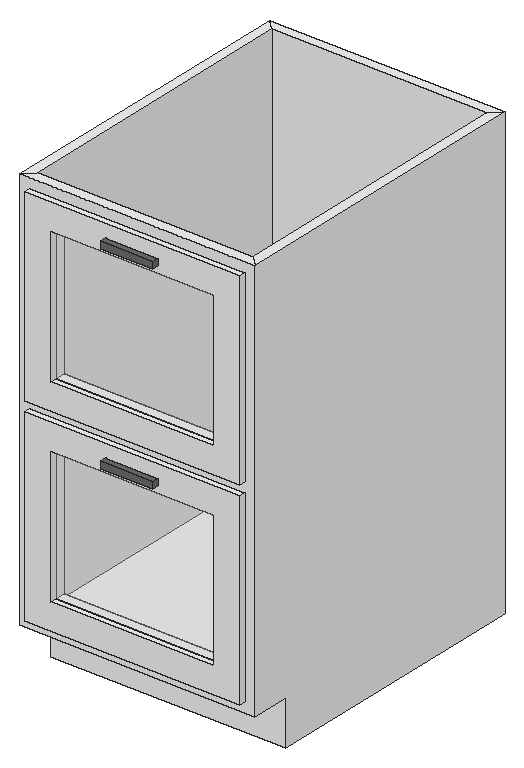
Revit family "43da0d3e5d4c43db8c719826d7a04bcf", category Casework, Revit 2021
Family settings
  OmniClass Number = 23.40.35.17.47.11
  OmniClass Title = Kitchen Casework
  Seek Item ID = Base Cabinet-2 Bin-0000-USA-ENU
  Work Plane-Based = No
  Always vertical = Yes
  Cut with Voids When Loaded = No
  Shared = No
  Room Calculation Point = No
Parameters (values of type "18"")
  Default Elevation = 0' - 0"
  Assembly Code = "C1030410"
  Cabinet Material = none
  Depth = 2' - 0"
  Door/Drawer Material = none
  Handle Material = Cabinets - Handles
  Height = 2' - 10 1/2"
  Panels = none
  Toe Depth = 0' - 3"
  Toe Height = 0' - 3 1/2"
  Width = 1' - 6"
Types (3): name | Width
  (no name) | 1' - 6"
  18" | 1' - 6"
  15" | 1' - 3"
Reference planes (in)
  plane 1 "Back": y = 0
  plane 2: z = 0
  plane 3 "Center": x = 0.7377
  plane 4 "Left": x = -8.2623
  plane 5 "Right": x = 9.7377
  plane 6 "Front": y = -24
  plane 7 "Top": z = 34.5
  plane 8: y = -21
  plane 9: z = 3.5
  plane 10: z = 33.75
  plane 11: z = 4.25
  plane 12: x = -7.5123
  plane 13: x = 8.9877
  plane 14: x = -1.2623
  plane 15: x = 2.7377
  plane 16: z = 32.75
  plane 17: z = 32.25
  plane 18: z = 19
  plane 19: x = 6.9877
  plane 20: x = -5.5123
  plane 21: z = 6.25
  plane 22: z = 16.625
  plane 23: z = 31.75
  plane 24: z = 21.375
  plane 25: z = 19.375
  plane 26: z = 18.625
  plane 27: z = 17.625
  plane 28: z = 17.125
Forms (in)
  Extrusion 1, solid, material <- "Cabinet Material"
    sketch origin (0, 0, 0) x (1, 0, 0) y (0, 1, 0)
      loop
        line (-8.2623, 0) -> (-8.2623, -21) -> (9.7377, -21) -> (9.7377, 0) -> (-8.2623, 0)
    from 0 to 3.5
  Sweep 2, solid, material <- "Cabinet Material"
    path origin (0, 0, 0) x (1, 0, 0) y (0, 1, 0)
      loop
        line (9.7377, 0) -> (-8.2623, 0) -> (-8.2623, -24) -> (9.7377, -24) -> (9.7377, 0)
    profile origin (0, -12, 0) x (1, 0, 0) y (0, 0, 1)
      loop
        line (9.7377, 3.5) -> (9.7377, 34.5) -> (8.9877, 34.5) -> (8.9877, 3.5) -> (9.7377, 3.5)
  Extrusion 3, solid, material <- "Cabinet Material"
    sketch origin (0, 0, 0) x (1, 0, 0) y (0, 1, 0)
      loop
        line (-7.5123, -0.75) -> (-7.5123, -23.25) -> (8.9877, -23.25) -> (8.9877, -0.75) -> (-7.5123, -0.75)
    from 4.25 to 3.5
  Extrusion 4, void
    sketch origin (9.7377, -24, 34.5) x (1, 0, 0) y (0, 0, -1)
      loop
        line (-15.25, 2.75) -> (-2.75, 2.75) -> (-2.75, 13.125) -> (-15.25, 13.125) -> (-15.25, 2.75)
      loop
        line (-15.25, 17.875) -> (-2.75, 17.875) -> (-2.75, 28.25) -> (-15.25, 28.25) -> (-15.25, 17.875)
    from 0 to 0.75
  Extrusion 5, solid, material <- "Panels"
    sketch origin (9.7377, -24, 34.5) x (-1, 0, 0) y (0, 0, -1)
      loop
        line (15.25, 2.75) -> (15.25, 13.125) -> (2.75, 13.125) -> (2.75, 2.75) -> (15.25, 2.75)
      loop
        line (15.25, 17.875) -> (15.25, 28.25) -> (2.75, 28.25) -> (2.75, 17.875) -> (15.25, 17.875)
    from -0.75 to 0
  Extrusion 6, solid, material <- "Door/Drawer Material"
    sketch origin (0, -24, 0) x (1, 0, 0) y (0, 0, 1)
      loop
        line (-7.5123, 33.75) -> (-7.5123, 19.375) -> (8.9877, 19.375) -> (8.9877, 33.75) -> (-7.5123, 33.75)
      loop
        line (-7.5123, 18.625) -> (-7.5123, 4.25) -> (8.9877, 4.25) -> (8.9877, 18.625) -> (-7.5123, 18.625)
      loop
        line (-5.5123, 31.75) -> (-5.5123, 21.375) -> (6.9877, 21.375) -> (6.9877, 31.75) -> (-5.5123, 31.75)
      loop
        line (-5.5123, 16.625) -> (-5.5123, 6.25) -> (6.9877, 6.25) -> (6.9877, 16.625) -> (-5.5123, 16.625)
    from 0 to 0.5
  Extrusion 7, solid, material "Cabinets - Handles" <- "Handle Material"
    sketch origin (0, -24, 0) x (1, 0, 0) y (0, 0, 1)
      loop
        line (-1.2623, 32.75) -> (-1.2623, 32.25) -> (2.7377, 32.25) -> (2.7377, 32.75) -> (-1.2623, 32.75)
      loop
        line (-1.2623, 17.625) -> (-1.2623, 17.125) -> (2.7377, 17.125) -> (2.7377, 17.625) -> (-1.2623, 17.625)
    from 0.5 to 1
Cuts and joins
  Extrusion 4 cuts Extrusion 1
  Extrusion 4 cuts Sweep 2
  joined: Extrusion 1, Sweep 2
  Extrusion 4 cuts Extrusion 3
Lines and regions (in)
  Masking region 1
    outline origin (0, 0, 0) x (1, 0, 0) y (0, 1, 0)
      loop
        line (-8.2623, 0) -> (-8.2623, -24) -> (9.7377, -24) -> (9.7377, 0) -> (-8.2623, 0)
  model lines
    curve 1: line (-7.5123, -24, 33.75) -> (8.9877, -24, 33.75)
    curve 2: line (8.9877, -24, 33.75) -> (8.9877, -24, 19.375)
    curve 3: line (-7.5123, -24, 4.25) -> (-7.5123, -24, 18.625)
    curve 4: line (-1.2623, -24, 32.75) -> (2.7377, -24, 32.75)
    curve 5: line (-1.2623, -24, 32.25) -> (-1.2623, -24, 32.75)
    curve 6: line (2.7377, -24, 32.25) -> (-1.2623, -24, 32.25)
    curve 7: line (2.7377, -24, 32.75) -> (2.7377, -24, 32.25)
    curve 8: line (-7.5123, -24, 19.375) -> (8.9877, -24, 19.375)
    curve 9: line (-7.5123, -24, 18.625) -> (8.9877, -24, 18.625)
    curve 10: line (8.9877, -24, 18.625) -> (8.9877, -24, 4.25)
    curve 11: line (-7.5123, -24, 19.375) -> (-7.5123, -24, 33.75)
    curve 12: line (8.9877, -24, 4.25) -> (-7.5123, -24, 4.25)
    curve 13: line (-1.2623, -24, 17.625) -> (2.7377, -24, 17.625)
    curve 14: line (-1.2623, -24, 17.125) -> (-1.2623, -24, 17.625)
    curve 15: line (2.7377, -24, 17.125) -> (-1.2623, -24, 17.125)
    curve 16: line (2.7377, -24, 17.625) -> (2.7377, -24, 17.125)
Dimensions and locks (in)
  "Depth": plane 6 "Front" to plane 1 "Back"
  "Width": plane 4 "Left" to plane 5 "Right"
  equal spacing: plane 4 "Left", plane 3 "Center", plane 5 "Right"
  "Height": level to plane 7 "Top"
  "Toe Height": plane 2 to plane 9
  "Toe Depth": plane 6 "Front" to plane 8
  locked: plane 4 "Left" to plane 12 at 0.75
  locked: plane 13 to plane 5 "Right" at 0.75
  locked: plane 7 "Top" to plane 10 at 0.75
  locked: plane 11 to plane 9 at 0.75
  equal spacing: plane 10, plane 18, plane 11
  plane 21 to plane 11 = 0' - 2"
  plane 18 to plane 22 = 0' - 2 3/8"
  plane 12 to plane 20 = 0' - 2"
  plane 24 to plane 18 = 0' - 2 3/8"
  plane 10 to plane 23 = 0' - 2"
  plane 25 to plane 18 to plane 26 = 0' - 0 3/8", 0' - 0 3/8"
  plane 10 to plane 16 to plane 17 = 0' - 1", 0' - 0 1/2"
  plane 26 to plane 27 to plane 28 = 0' - 1", 0' - 0 1/2"
  plane 14 to plane 3 "Center" to plane 15 = 0' - 2" locked, 0' - 2" locked
  locked: plane 19 to plane 13 at 2
  aligned and locked: plane 1 "Back" to Extrusion 1 sketch curve
  aligned and locked: Extrusion 1 sketch curve to plane 5 "Right"
  aligned and locked: Extrusion 1 sketch curve to plane 8
  aligned and locked: plane 4 "Left" to Extrusion 1 sketch curve
  aligned and locked: Extrusion 1 to level
  aligned and locked: Sweep 2 sketch curve to plane 6 "Front"
  aligned and locked: plane 1 "Back" to Sweep 2 sketch curve
  aligned and locked: Sweep 2 sketch curve to plane 5 "Right"  (x2)
  aligned and locked: plane 4 "Left" to Sweep 2 sketch curve
  aligned and locked: plane 7 "Top" to Sweep 2 sketch curve
  aligned and locked: Sweep 2 sketch curve to plane 9
  aligned and locked: Sweep 2 to Extrusion 3 sketch curve  (x2)
  aligned and locked: Extrusion 3 sketch curve to Sweep 2  (x2)
  aligned and locked: plane 11 to Extrusion 3
  aligned and locked: plane 9 to Extrusion 3
  aligned and locked: Extrusion 1 to plane 9
  aligned and locked: plane 24 to Extrusion 4 sketch curve
  aligned and locked: Extrusion 4 sketch curve to plane 23
  aligned and locked: Extrusion 4 sketch curve to plane 20  (x2)
  aligned and locked: plane 19 to Extrusion 4 sketch curve  (x2)
  aligned and locked: Extrusion 4 sketch curve to plane 21
  aligned and locked: Extrusion 4 sketch curve to plane 22
  aligned and locked: cut or joined group of Extrusion 1, Sweep 2, Extrusion 4 to Extrusion 4
  aligned and locked: plane 6 "Front" to Extrusion 4
  aligned and locked: plane 23 to Extrusion 5 sketch curve
  aligned and locked: plane 21 to Extrusion 5 sketch curve
  aligned and locked: plane 20 to Extrusion 5 sketch curve  (x2)
  aligned and locked: Extrusion 5 sketch curve to plane 19  (x2)
  aligned and locked: Extrusion 5 sketch curve to plane 24
  aligned and locked: plane 22 to Extrusion 5 sketch curve
  aligned and locked: cut or joined group of Extrusion 1, Sweep 2, Extrusion 4 to Extrusion 5
  aligned and locked: plane 6 "Front" to Extrusion 5
  aligned and locked: Masking region 1 sketch curve to plane 6 "Front"
  aligned and locked: Masking region 1 sketch curve to plane 5 "Right"
  aligned and locked: plane 4 "Left" to Masking region 1 sketch curve
  aligned and locked: plane 1 "Back" to Masking region 1 sketch curve
Automatic sketch dimensions
  profile plane to Sweep 2 sketch curve = 0' - 0 3/4"
  curve 2 to plane 13 = 0' - 0"
  curve 8 to plane 25 = 0' - 0"
  curve 4 to plane 15 = 0' - 0"
  curve 15 to plane 15 = 0' - 0"
  curve 6 to plane 14 = 0' - 0"
  curve 13 to plane 14 = 0' - 0"
  curve 9 to plane 12 = 0' - 0"
  curve 8 to plane 12 = 0' - 0"
  curve 1 to plane 10 = 0' - 0"
  curve 4 to plane 16 = 0' - 0"
  curve 7 to plane 17 = 0' - 0"
  curve 9 to plane 26 = 0' - 0"
  curve 16 to plane 27 = 0' - 0"
  curve 16 to plane 28 = 0' - 0"
  curve 10 to plane 13 = 0' - 0"
  curve 12 to plane 11 = 0' - 0"
  Extrusion 6 sketch curve to plane 10 = 0' - 0"
  Extrusion 6 sketch curve to plane 12 = 0' - 0"  (x2)
  Extrusion 6 sketch curve to plane 11 = 0' - 0"
  Extrusion 6 sketch curve to plane 20 = 0' - 0"  (x2)
  Extrusion 6 sketch curve to plane 19 = 0' - 0"  (x2)
  Extrusion 6 sketch curve to plane 13 = 0' - 0"  (x2)
  Extrusion 6 sketch curve to plane 21 = 0' - 0"
  Extrusion 6 sketch curve to plane 22 = 0' - 0"
  Extrusion 6 sketch curve to plane 26 = 0' - 0"
  Extrusion 6 sketch curve to plane 25 = 0' - 0"
  Extrusion 6 sketch curve to plane 24 = 0' - 0"
  Extrusion 6 sketch curve to plane 23 = 0' - 0"
  Extrusion 7 sketch curve to plane 14 = 0' - 0"  (x2)
  Extrusion 7 sketch curve to plane 15 = 0' - 0"  (x2)
  Extrusion 7 sketch curve to plane 28 = 0' - 0"
  Extrusion 7 sketch curve to plane 27 = 0' - 0"
  Extrusion 7 sketch curve to plane 17 = 0' - 0"
  Extrusion 7 sketch curve to plane 16 = 0' - 0"
